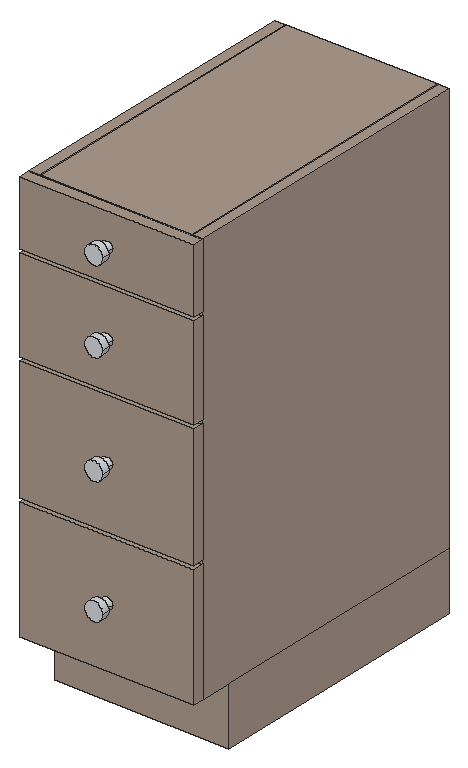
Revit family "AO_CW_CabinetsLowerDrawers_Gen_FB_IRVINE_CO1", category Casework, Revit 2019
Family settings
  Work Plane-Based = No
  Always vertical = Yes
  Cut with Voids When Loaded = No
  Shared = No
  Room Calculation Point = No
Parameters (values of type "12" kitchen 2")
  URL = "www.wicnet.org/manual_sections.asp"
  Top Panel Material = none
  Toe Panel Material = none
  Side Panel Material = none
  Shelf Panel Material = none
  Model = "230"
  Manufacturer = "Woodwork Institute"
  Keynote = "315"
  Gyp Spacing = no
  Drawer Front Material = none
  Description = "Base Cabinet w/ Drawers"
  Depth = 1' - 10"
  Height = 2' - 8 1/2"
  Width = 1' - 0"
  Counter Height = 3' - 0"
  Content Creator URL = "www.AECcontent.com"
  Content Creator = "AECcontent"
  Cabinet Pulls [instance] = yes
  Back Panel Material = none
  Assembly Code = "E2010200"
Reference planes (in)
  plane 1 "Back": y = 0
  plane 2 "Center (Left/Right)": x = 0.7377
  plane 3 "Left": x = -5.2623
  plane 4 "Right": x = 6.7377
  plane 5 "Front": y = -22
  plane 6 "Top": z = 32.5
  plane 7: z = 4
  plane 8: z = 12.625
  plane 9: z = 4
  plane 10: y = -19
  plane 11: z = 4
  plane 12: z = 30.25
  plane 13: z = 30.125
  plane 14: z = 30.375
  plane 15: z = 16.84375
  plane 16: z = 8.1875
  plane 17: z = 21.3125
  plane 18: z = 28
  plane 19: z = 27.75
  plane 20: z = 21.0625
  plane 21: z = 12.375
  plane 22: z = 24.53125
  plane 23: z = 38.21875
  plane 24 "Top of Counter": z = 36
  plane 25: y = -0.75
  plane 26: y = 0.625
Forms (in)
  Extrusion 1, solid, material <- "Back Panel Material"
    sketch origin (0, 0, 0) x (1, 0, 0) y (0, 0, 1)
      loop
        line (5.9877, 31.75) -> (-4.5123, 31.75) -> (-4.5123, 4) -> (5.9877, 4) -> (5.9877, 31.75)
    from 0 to 0.75
  Extrusion 2, solid, material <- "Shelf Panel Material"
    sketch origin (-0.09236, 0, -14.69269) x (1, 0, 0) y (0, 1, 0)
      loop
        line (-4.41994, -0.75) -> (-4.41994, -21.25) -> (6.08006, -21.25) -> (6.08006, -0.75) -> (-4.41994, -0.75)
    from 18.69269 to 19.44531
  Extrusion 3, solid, material <- "Toe Panel Material"
    sketch origin (0, 0, 0) x (1, 0, 0) y (0, 0, 1)
      loop
        line (-5.2623, 4) -> (-5.2623, 0) -> (6.7377, 0) -> (6.7377, 4) -> (-5.2623, 4)
    from 0 to 0.75
  Extrusion 4, solid, material <- "Toe Panel Material"
    sketch origin (6.7377, 0, 0) x (0, -1, 0) y (0, 0, 1)
      loop
        line (19, 4) -> (0, 4) -> (0, 0) -> (19, 0) -> (19, 4)
    from 0 to 0.75
  Extrusion 5, solid, material <- "Toe Panel Material"
    sketch origin (-5.2623, 0, 0) x (0, -1, 0) y (0, 0, 1)
      loop
        line (0, 4) -> (0, 0) -> (19, 0) -> (19, 4) -> (0, 4)
    from 0 to -0.75
  Extrusion 6, solid, material <- "Toe Panel Material"
    sketch origin (0, -19, 3) x (1, 0, 0) y (0, 0, 1)
      loop
        line (-5.2623, 1) -> (-5.2623, -3) -> (6.7377, -3) -> (6.7377, 1) -> (-5.2623, 1)
    from 0 to -0.75
  Extrusion 7, solid, material <- "Drawer Front Material"
    sketch origin (0, -22, 0) x (1, 0, 0) y (0, 0, 1)
      loop
        line (-5.2623, 12.37941) -> (-5.2623, 4) -> (6.7377, 4) -> (6.7377, 12.37941) -> (-5.2623, 12.37941)
    from 0 to -0.75
  Extrusion 8, solid, material <- "Top Panel Material"
    sketch origin (0, 0, 32.5) x (0, -1, 0) y (1, 0, 0)
      loop
        line (0, -4.5123) -> (21.25, -4.5123) -> (21.25, 5.9877) -> (0, 5.9877) -> (0, -4.5123)
    from 0 to -0.75
  Extrusion 9, solid, material <- "Side Panel Material"
    sketch origin (6.7377, 0, 0) x (0, -1, 0) y (0, 0, 1)
      loop
        line (21.25, 32.5) -> (0, 32.5) -> (0, 4) -> (21.25, 4) -> (21.25, 32.5)
    from 0 to 0.75
  Extrusion 10, solid, material <- "Side Panel Material"
    sketch origin (-5.2623, 0, 0) x (0, -1, 0) y (0, 0, 1)
      loop
        line (21.25, 32.5) -> (0, 32.5) -> (0, 4) -> (21.25, 4) -> (21.25, 32.5)
    from 0 to -0.75
  Extrusion 11, solid, material <- "Drawer Front Material"
    sketch origin (0, -22, 0) x (1, 0, 0) y (0, 0, 1)
      loop
        line (-5.2623, 32.5) -> (-5.2623, 28) -> (6.7377, 28) -> (6.7377, 32.5) -> (-5.2623, 32.5)
    from 0 to -0.75
  Extrusion 12, solid, material <- "Drawer Front Material"
    sketch origin (0, -22, 0) x (1, 0, 0) y (0, 0, 1)
      loop
        line (-5.2623, 21.0625) -> (-5.2623, 12.625) -> (6.7377, 12.625) -> (6.7377, 21.0625) -> (-5.2623, 21.0625)
    from 0 to -0.75
  Extrusion 13, solid, material <- "Drawer Front Material"
    sketch origin (0, -22, 7) x (1, 0, 0) y (0, 0, 1)
      loop
        line (-5.2623, 20.75) -> (-5.2623, 14.3125) -> (6.7377, 14.3125) -> (6.7377, 20.75) -> (-5.2623, 20.75)
    from 0 to -0.75
Cuts and joins
  joined: Extrusion 3, Extrusion 4, Extrusion 5, Extrusion 6
Lines and regions (in)
  model lines, style "AO_HiddenUnderCounter"
    curve 1: line (-5.2623, 0, 36) -> (6.7377, 0, 36)
    curve 2: line (-5.2623, -22, 36) -> (-5.2623, 0, 36)
    curve 3: line (6.7377, -22, 36) -> (-5.2623, -22, 36)
    curve 4: line (6.7377, 0, 36) -> (6.7377, -22, 36)
  model lines, style "CaseworkHiddenLines", visible <- "Gyp Spacing"
    curve 5: line (-5.2623, 0.625, 36) -> (6.7377, 0.625, 36)
Dimensions and locks (in)
  "Depth": plane 5 "Front" to plane 1 "Back"
  "Width": plane 3 "Left" to plane 4 "Right"
  equal spacing: plane 3 "Left", plane 2 "Center (Left/Right)", plane 4 "Right"
  "Height": level to plane 6 "Top"
  locked: plane 5 "Front" to plane 10 at 3
  locked: plane 11 to level at 4
  locked: plane 12 to plane 13 at 0.125
  locked: plane 14 to plane 12 at 0.125
  locked: plane 18 to plane 19 at 0.25
  locked: plane 17 to plane 20 at 0.25
  locked: plane 8 to plane 21 at 0.25
  "Counter Height": plane 24 "Top of Counter" to level
  locked: plane 1 "Back" to plane 25 at 0.75
  equal spacing: plane 6 "Top", plane 12, plane 18, locked at 2.25 each
  equal spacing: plane 19, plane 22, plane 17
  equal spacing: plane 20, plane 15, plane 8, locked at 4.21875 each
  equal spacing: plane 21, plane 16, plane 11, locked at 4.1875 each
  locked: plane 6 "Top" to plane 12 at 2.25
  plane 6 "Top" to plane 18 = 0' - 4 1/2"
  locked: plane 1 "Back" to plane 26 at 0.625
  aligned and locked: Extrusion 3 sketch curve to plane 3 "Left"
  aligned and locked: plane 4 "Right" to Extrusion 3 sketch curve
  aligned and locked: Extrusion 6 sketch curve to plane 3 "Left"
  aligned and locked: plane 4 "Right" to Extrusion 6 sketch curve
  aligned and locked: Extrusion 10 sketch curve to Extrusion 9
  aligned and locked: Extrusion 10 to Extrusion 8 sketch curve
  aligned and locked: Extrusion 8 sketch curve to Extrusion 9
  aligned and locked: Extrusion 1 sketch curve to Extrusion 9
  aligned and locked: Extrusion 1 sketch curve to Extrusion 10
  aligned and locked: Extrusion 11 sketch curve to Extrusion 9
  aligned and locked: Extrusion 12 sketch curve to plane 8
  aligned and locked: plane 18 to Extrusion 11
  aligned and locked: Extrusion 13 to plane 19
  aligned and locked: plane 17 to Extrusion 13
  aligned and locked: Extrusion 12 to plane 20
  aligned and locked: plane 1 "Back" to curve 1
  aligned and locked: curve 2 to plane 3 "Left"
  aligned and locked: curve 3 to plane 5 "Front"
  aligned and locked: plane 4 "Right" to curve 4
  aligned and locked: plane 2 "Center (Left/Right)" to nested 1
  aligned and locked: plane 22 to nested 2
  aligned and locked: plane 16 to nested 4
  aligned and locked: plane 12 to nested 1
  aligned and locked: curve 5 to plane 26
  aligned and locked: plane 3 "Left" to curve 5
  aligned and locked: plane 4 "Right" to curve 5
Automatic sketch dimensions
  Extrusion 1 sketch curve to plane 7 = 0' - 0"
  plane 6 "Top" to Extrusion 1 sketch curve = 0' - 0 3/4"
  Extrusion 2 sketch curve to plane 3 "Left" = 0' - 0 3/4"
  Extrusion 2 sketch curve to plane 5 "Front" = 0' - 0 3/4"
  plane 4 "Right" to Extrusion 2 sketch curve = 0' - 0 3/4"
  plane 1 "Back" to Extrusion 2 sketch curve = 0' - 0 3/4"
  Extrusion 3 sketch curve to level = 0' - 0"
  Extrusion 3 sketch curve to plane 7 = 0' - 0"
  Extrusion 4 sketch curve to plane 1 "Back" = 0' - 0"
  Extrusion 4 sketch curve to level = 0' - 0"
  Extrusion 4 sketch curve to plane 10 = 0' - 0"
  plane 7 to Extrusion 4 sketch curve = 0' - 0"
  Extrusion 5 sketch curve to level = 0' - 0"
  Extrusion 5 sketch curve to plane 1 "Back" = 0' - 0"
  Extrusion 5 sketch curve to plane 10 = 0' - 0"
  plane 7 to Extrusion 5 sketch curve = 0' - 0"
  Extrusion 6 sketch curve to level = 0' - 0"
  Extrusion 6 sketch curve to plane 7 = 0' - 0"
  plane 3 "Left" to Extrusion 7 sketch curve = 0' - 0"
  plane 4 "Right" to Extrusion 7 sketch curve = 0' - 0"
  Extrusion 7 sketch curve to plane 7 = 0' - 0"
  Extrusion 7 sketch curve to plane 21 = 0' - 0.00441"
  plane 1 "Back" to Extrusion 8 sketch curve = 0' - 0"
  Extrusion 8 sketch curve to plane 5 "Front" = 0' - 0 3/4"
  Extrusion 9 sketch curve to plane 1 "Back" = 0' - 0"
  plane 7 to Extrusion 9 sketch curve = 0' - 0"
  plane 6 "Top" to Extrusion 9 sketch curve = 0' - 0"
  Extrusion 9 sketch curve to plane 5 "Front" = 0' - 0 3/4"
  plane 7 to Extrusion 10 sketch curve = 0' - 0"
  plane 6 "Top" to Extrusion 10 sketch curve = 0' - 0"
  Extrusion 10 sketch curve to plane 5 "Front" = 0' - 0 3/4"
  plane 3 "Left" to Extrusion 11 sketch curve = 0' - 0"
  Extrusion 11 sketch curve to plane 18 = 0' - 0"
  Extrusion 11 sketch curve to plane 6 "Top" = 0' - 0"
  plane 3 "Left" to Extrusion 12 sketch curve = 0' - 0"
  plane 4 "Right" to Extrusion 12 sketch curve = 0' - 0"
  plane 17 to Extrusion 12 sketch curve = 0' - 0 1/4"
  plane 3 "Left" to Extrusion 13 sketch curve = 0' - 0"
  plane 4 "Right" to Extrusion 13 sketch curve = 0' - 0"
  Extrusion 13 sketch curve to plane 20 = 0' - 0 1/4"
  plane 19 to Extrusion 13 sketch curve = 0' - 0"
Nested families (in)
  nested 1: "Family1" at (0.7377, -22, 30.25) x (1, 0, 0) z (0, -1, 0), visible <- "Cabinet Pulls", type "Family1"
  nested 2: "Family1" at (0.7377, -22, 24.53125) x (1, 0, 0) z (0, -1, 0), visible <- "Cabinet Pulls", type "Family1"
  nested 3: "Family1" at (0.7377, -22, 16.875) x (1, 0, 0) z (0, -1, 0), visible <- "Cabinet Pulls", type "Family1"
  nested 4: "Family1" at (0.7377, -22, 8.1875) x (1, 0, 0) z (0, -1, 0), visible <- "Cabinet Pulls", type "Family1"
Definition of nested family "Family1"
  Parameters (values of type "Family1")
    Default Elevation = 4' - 0"
  Reference planes (in)
    plane 1 "Center (Front/Back)": y = 0
    plane 2: z = 0
    plane 3 "Center (Left/Right)": x = 0
  Forms (in)
    Extrusion 1, solid
      sketch origin (0, 0, 0) x (1, 0, 0) y (0, 1, 0)
        loop
          line (-48, 48) -> (-48, -48) -> (48, -48) -> (48, 48) -> (-48, 48)
      from 0 to -12
    Blend 2, solid
      base sketch origin (0, 0, 0) x (1, 0, 0) y (0, 1, 0)
        loop
          circle (0, 0) r 0.375
      top sketch origin (0, 0, 0) x (1, 0, 0) y (0, 1, 0)
        loop
          circle (0, 0) r 0.25
      from 0 to 0.625
    Extrusion 3, solid
      sketch origin (0, 0, 0) x (1, 0, 0) y (0, 1, 0)
        loop
          circle (0, 0) r 0.625
      from 0.625 to 1.125
  Dimensions and locks (in)
    aligned and locked: plane 2 to Extrusion 1
    aligned and locked: level to Extrusion 1
